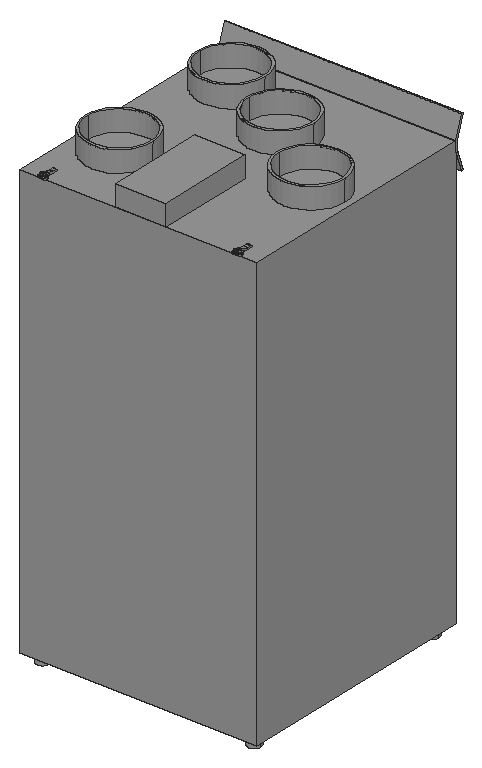
Revit family "ВУТ_ВУЕ ВБ_Е_Л_П_Eng", category Оборудование, Revit 2021
Family settings
  Размер круглого соединителя = Использовать диаметр
  Классификация = Нет
  Тип детали = Нормальный
  На основе рабочей плоскости = Нет
  Всегда вертикально = Да
  При загрузке вырезать с полостями = Нет
  Общий = Нет
  Точка принадлежности помещению = Нет
Parameters (values of type "VUT 250 VBE EС R А21")
  Width = B  # 588 mm
  Weight = 66.00 kg  # constant formula
  Voltage = 230 V
  Sound pressure level at 3 m distance = "35 dBA"  # constant formula
  Pressure_Static_Air [instance] = 0.0 Pa
  Power = 1580 W
  Number of Fase = 1
  Maximum Air Flow = 390.0 m³/h  # constant formula
  Load Classification = "HVAC"
  Length = L  # 560 mm
  Height = h1  # 1094 mm
  Frequency = 50 Hz  # constant formula
  Filter = "G4"
  Diameter = D  # 160 mm
  Отметка по умолчанию = 0 mm
  Изготовитель = "Vents"  # constant formula
  l1 = 390 mm
  h1 = H + 50 mm  # 1094 mm
  b1 = 212 mm
  URL = "https://ventilation-system.com/series/vut-vue-vb-ec-a14-a21"
  Maintenance zone material = none
  L = 560 mm  # constant formula
  H = 1044 mm  # constant formula
  Dy = D - 10 mm  # 150 mm
  D = 160 mm  # constant formula
  Casing Material = Metal, painted, white, matte
  B8 = 101 mm
  B7 = 101 mm
  B6 = 421 mm
  B5 = 110 mm
  B4 = 290 mm
  B3 = 464 mm
  B2 = 181 mm
  B1 = 308 mm
  B = 588 mm  # constant formula
  Amperage = 7.46 A
  Air Flow [instance] = 0.0 m³/h
  09_System_Name [instance] = ""
  00_20_Type = "VUT 250 VBE EС R А21"
  00_20_Name = "Air handling units with heat recovery"  # constant formula
  00_20_Manufacturer = "Vents"  # constant formula
Types (9, lengths in mm): name | Power | B8 | B5 | B4 | B3 | B1 | Amperage | 00_20_Type
  (no name) | 1580 W | 101 | 110 | 290 | 464 | 308 | 7.46 A | "VUT 250 VBE EС R А21"
  VUT 250 VB EС L А21 | 180 W | 459 | 450 | 270 | 96 | 411 | 1.37 A | "VUT 250 VB EС L А21"
  VUT 250 VB EС R А21 | 180 W | 101 | 110 | 290 | 464 | 308 | 1.37 A | "VUT 250 VB EС R А21"
  VUE 250 VB EС R А21 | 180 W | 101 | 110 | 290 | 464 | 308 | 1.37 A | "VUE 250 VB EС R А21"
  VUE 250 VB EС L А21 | 180 W | 459 | 450 | 270 | 96 | 411 | 1.37 A | "VUE 250 VB EС L А21"
  VUE 250 VBE EС L А21 | 1580 W | 459 | 450 | 270 | 96 | 411 | 7.46 A | "VUE 250 VBE EС L А21"
  VUE 250 VBE EС R А21 | 1580 W | 101 | 110 | 290 | 464 | 308 | 7.46 A | "VUE 250 VBE EС R А21"
  VUT 250 VBE EС L А21 | 1580 W | 459 | 450 | 270 | 96 | 411 | 7.46 A | "VUT 250 VBE EС L А21"
  VUT 250 VBE EС R А21 | 1580 W | 101 | 110 | 290 | 464 | 308 | 7.46 A | "VUT 250 VBE EС R А21"
Reference planes
  plane 1 "По центру (Вперед/Назад)": y = 0
  plane 2: z = 0
  plane 3 "По центру (Влево/Вправо)": x = 0
  plane 4: y = 294
  plane 5: y = -294
  plane 6: x = -280
  plane 7: x = 280
  plane 8: z = 1044
Forms (mm)
  Extrusion 1, solid, material "Metal, painted, white, matte"
    sketch origin (0, 0, 0) x (1, 0, 0) y (0, 1, 0)
      loop
        line (-280, 294) -> (-280, -294) -> (280, -294) -> (280, 294) -> (-280, 294)
    from 20 to 1044
  Extrusion 2, solid, material "Metal, painted, white, matte"
    sketch origin (0, 0, 0) x (1, 0, 0) y (0, 1, 0)
      loop
        circle (-250, 264) r 15
      loop
        circle (250, 264) r 15
      loop
        circle (-250, -264) r 15
      loop
        circle (250, -264) r 15
    from 0 to 20
  Extrusion 3, solid, material "Сталь, гальванизированная"
    sketch origin (0, 0, 0) x (1, 0, 0) y (0, 1, 0)
      loop
        circle (10, 113) r 75
      loop
        circle (10, 113) r 80
    from 1044 <- "H" to 1094 <- "h1"
  Extrusion 4, solid, material "Metal, painted, white, matte"
    sketch origin (0, 0, 0) x (1, 0, 0) y (0, 1, 0)
      loop
        circle (0, 0) r 9
    from 0 to 20
  Extrusion 5, solid, material "Metal, painted, white, matte"
    sketch origin (0, 0, 0) x (0, -1, 0) y (0, 0, -1)
      loop
        line (-294, -1044) -> (-294, -1023.651) -> (-312, -973.651) -> (-314.126, -973.651) -> (-296, -1024) -> (-296, -1043.651) -> (-314.126, -1094) -> (-312, -1094) -> (-294, -1044)
    from -280 to 280
  Extrusion 6, solid, material "Сталь, гальванизированная"
    sketch origin (0, 0, 0) x (1, 0, 0) y (0, 1, 0)
      loop
        circle (-170, 193) r 80
      loop
        circle (-170, 193) r 75
    from 1044 <- "H" to 1094 <- "h1"
  Extrusion 7, solid, material "Сталь, гальванизированная"
    sketch origin (0, 0, 0) x (1, 0, 0) y (0, 1, 0)
      loop
        circle (184, -14) r 80
      loop
        circle (184, -14) r 75
    from 1044 <- "H" to 1094 <- "h1"
  Extrusion 8, solid, material "Сталь, гальванизированная"
    sketch origin (0, 0, 0) x (1, 0, 0) y (0, 1, 0)
      loop
        circle (-179, -127) r 80
      loop
        circle (-179, -127) r 75
    from 1044 <- "H" to 1094 <- "h1"
  Extrusion 9, solid, material "Metal, painted, white, matte"
    sketch origin (0, 0, 0) x (1, 0, 0) y (0, 1, 0)
      loop
        line (-54.559, -294) -> (65.441, -294) -> (65.441, -60) -> (-54.559, -60) -> (-54.559, -294)
    from 1044 <- "H" to 1094 <- "h1"
Dimensions and locks
  equal spacing: plane 6, plane 3 "По центру (Влево/Вправо)", plane 7
  "L": plane 6 to plane 7
  equal spacing: plane 4, plane 1 "По центру (Вперед/Назад)", plane 5
  "B": plane 4 to plane 5
  "H": plane 8 to level
  locked: plane 6 to Extrusion 2 sketch curve at 30  (x2)
  locked: plane 4 to Extrusion 2 sketch curve at 30  (x2)
  locked: Extrusion 2 sketch curve to plane 5 at 30  (x2)
  locked: Extrusion 2 sketch curve to plane 7 at 30  (x2)
  locked: nested 1 to plane 7 at 50
  locked: plane 6 to nested 2 at 50
  "B4": plane 6 to Extrusion 3 sketch curve
  "B2": plane 4 to Extrusion 3 sketch curve
  "B7": plane 4 to Extrusion 6 sketch curve
  "B5": plane 6 to Extrusion 6 sketch curve
  "B3": plane 6 to Extrusion 7 sketch curve
  "B1": plane 4 to Extrusion 7 sketch curve
  "B8": plane 6 to Extrusion 8 sketch curve
  "B6": plane 4 to Extrusion 8 sketch curve
  "Dy": diameter of Extrusion 3 sketch curve
  "D": diameter of Extrusion 3 sketch curve
  "D": diameter of Extrusion 6 sketch curve
  "Dy": diameter of Extrusion 6 sketch curve
  "Dy": diameter of Extrusion 7 sketch curve
  "D": diameter of Extrusion 7 sketch curve
  "Dy": diameter of Extrusion 8 sketch curve
  "D": diameter of Extrusion 8 sketch curve
  aligned and locked: level to plane 2
  aligned and locked: Extrusion 1 sketch curve to plane 4
  aligned and locked: Extrusion 1 sketch curve to plane 6
  aligned and locked: plane 5 to Extrusion 1 sketch curve
  aligned and locked: plane 7 to Extrusion 1 sketch curve
  aligned and locked: plane 8 to Extrusion 1
  aligned and locked: nested 1 to plane 5
  aligned and locked: plane 5 to nested 2
  aligned and locked: plane 6 to Extrusion 5
  aligned and locked: Extrusion 5 to plane 7
  aligned and locked: nested 5 to Extrusion 9
Automatic sketch dimensions
  plane 1 "По центру (Вперед/Назад)" to Extrusion 4 sketch curve = 0 mm
  Extrusion 4 sketch curve to plane 3 "По центру (Влево/Вправо)" = 0 mm
  Extrusion 5 sketch curve to plane 4 = 0 mm
  Extrusion 5 sketch curve to plane 8 = 0 mm
  Extrusion 5 sketch curve to plane 8 = 0.349 mm
  plane 4 to Extrusion 5 sketch curve = 2 mm
  plane 4 to Extrusion 5 sketch curve = 18 mm  (x2)
  Extrusion 5 sketch curve to Extrusion 5 sketch curve = 2.126 mm  (x2)
  plane 8 to Extrusion 5 sketch curve = 50 mm
  Extrusion 5 sketch curve to Extrusion 5 sketch curve = 19.651 mm
  Extrusion 5 sketch curve to Extrusion 5 sketch curve = 0.349 mm
  Extrusion 5 sketch curve to Extrusion 5 sketch curve = 50.349 mm
  Extrusion 9 sketch curve to plane 5 = 0 mm
  Extrusion 9 sketch curve to plane 3 "По центру (Влево/Вправо)" = 54.559 mm
  plane 1 "По центру (Вперед/Назад)" to Extrusion 9 sketch curve = 60 mm
  plane 3 "По центру (Влево/Вправо)" to Extrusion 9 sketch curve = 65.441 mm
  Extrusion 3 sketch curve to Extrusion 3 sketch curve = 0 mm  (x2)
  Extrusion 6 sketch curve to Extrusion 6 sketch curve = 0 mm  (x2)
  Extrusion 7 sketch curve to Extrusion 7 sketch curve = 0 mm  (x2)
  Extrusion 8 sketch curve to Extrusion 8 sketch curve = 0 mm  (x2)
  radius of Extrusion 2 sketch curve = 15 mm  (x4)
  radius of Extrusion 4 sketch curve = 9 mm
Nested families
  nested 1: "Latch" at (230, -289, 1044) x (0, 0, 1) z (-1, 0, 0), built-in parameter 1001360 <- "H", type "Latch"
  nested 2: "Latch" at (-230, -289, 1044) x (0, 0, 1) z (1, 0, 0), built-in parameter 1001360 <- "H", type "Latch"
  nested 3: "Сonnector" at (-54.559, -85, 995) x (0, 0, 1) z (-1, 0, 0), type "30"
  nested 4: "Сonnector" at (-54.559, -240, 995) x (0, 0, 1) z (-1, 0, 0), type "30"
  nested 5: "Сonnector" at (0, -60, 995) x (0, 0, 1) z (0, 1, 0), type "30"
  nested 6: "Сonnector" at (-54.559, -130, 995) x (0, 0, 1) z (-1, 0, 0), type "30"
  nested 7: "Сonnector" at (65.441, -240, 995) x (0, 0, 1) z (1, 0, 0), type "30"
Connectors
  piping at (0, 0, 0), diameter 18
    settings: on Extrusion 4, index 1, connector inside diameter 609.6 mm, connector length 0 mm, flow factor 0, pipe flow 0.0 L/s, pressure drop 0.0 Pa, fitting loss kfactor 0, connector angle 0.00°, fixture units 0, engagement length 0 mm, angle of deflection 0.00°, flow configuration 0, flow direction 2, fitting loss method 0, system type 16, joint type 0, gender type 0, connector reference index -1, connector utility 0, adjustable connector no, is connector primary yes, connector description ""
  hvac at (-170, 193, 1094), driven by "D"
    settings: on Extrusion 6, index 2, duct flow 0.0 m³/h, flow factor 0, pres drop 0.0 Pa, loss coef 0, conn angle 0.00°, conn width 304.8 mm, conn height 304.8 mm, conn diameter 160 mm, duct sys type 3, conn prof type 0, flow config 0, flow direction 2, loss method 0, conn ref index -1, conn util no, is conn primary yes, conn desc ""
  hvac at (10, 113, 1094), driven by "D"
    settings: on Extrusion 3, index 3, duct flow 0.0 m³/h, flow factor 0, pres drop 0.0 Pa, loss coef 0, conn angle 0.00°, conn width 304.8 mm, conn height 304.8 mm, conn diameter 160 mm, duct sys type 3, conn prof type 0, flow config 0, flow direction 1, loss method 0, conn ref index -1, conn util no, is conn primary no, conn desc ""
  hvac at (184, -14, 1094), driven by "D"
    settings: on Extrusion 7, index 4, duct flow 0.0 m³/h, flow factor 0, pres drop 0.0 Pa, loss coef 0, conn angle 0.00°, conn width 304.8 mm, conn height 304.8 mm, conn diameter 160 mm, duct sys type 1, conn prof type 0, flow config 0, flow direction 2, loss method 0, conn ref index -1, conn util no, is conn primary no, conn desc ""
  hvac at (-179, -127, 1094), driven by "D"
    settings: on Extrusion 8, index 5, duct flow 0.0 m³/h, flow factor 0, pres drop 0.0 Pa, loss coef 0, conn angle 0.00°, conn width 304.8 mm, conn height 304.8 mm, conn diameter 160 mm, duct sys type 1, conn prof type 0, flow config 0, flow direction 1, loss method 0, conn ref index -1, conn util no, is conn primary no, conn desc ""
Definition of nested family "Latch"
  Parameters (values of type "Защелка")
    Default Elevation = 0 mm
  Reference planes
    plane 1 "По центру (Вперед/Назад)": y = 0
    plane 2: z = 0
    plane 3 "По центру (Влево/Вправо)": x = 0
  Forms (mm)
    Extrusion 1, solid
      sketch origin (0, -5, 0) x (0, 1, 0) y (0, 0, 1)
        loop
          arc (3, 10) -> (0.879, 9.121) -> (0, 7) r 3
          line (0, 7) -> (0, -7)
          arc (0, -7) -> (0.879, -9.121) -> (3, -10) r 3
          line (3, -10) -> (7, -10)
          arc (7, -10) -> (9.121, -9.121) -> (10, -7) r 3
          line (10, -7) -> (10, 7)
          arc (10, 7) -> (9.121, 9.121) -> (7, 10) r 3
          line (7, 10) -> (3, 10)
      from 0 to 2
    Extrusion 2, solid
      sketch origin (0, 0, 0) x (1, 0, 0) y (0, 1, 0)
        loop
          line (2, 0.5) -> (2, -0.5) -> (7, -0.5)
          arc (7, -0.5) -> (7.707, -0.793) -> (8, -1.5) r 1
          arc (8, -1.5) -> (8.58, -2.08) -> (9.161, -1.5) r 0.58
          arc (9.161, -1.5) -> (8.575, -0.086) -> (7.161, 0.5) r 2
          line (7.161, 0.5) -> (2, 0.5)
      from -5 to 5
    Extrusion 3, solid
      sketch origin (0, 0, 0) x (1, 0, 0) y (0, 1, 0)
        loop
          line (0, 6.215) -> (3.363, 6.215)
          arc (3.363, 6.215) -> (5.643, 7.265) -> (6.327, 9.68) r 3
          line (6.327, 9.68) -> (3.08, 26.383)
          arc (3.08, 26.383) -> (1.485, 30.467) -> (2.223, 34.789) r 8.197
          arc (2.223, 34.789) -> (2.162, 35.751) -> (1.318, 36.215) r 1
          line (1.318, 36.215) -> (0, 36.215) -> (0, 6.215)
      from -5 to 5
    Sweep 4, solid
      path origin (2.535, 1.601, 0) x (-0.309017, 0.951057, 0) y (0, 0, 1)
        loop
          arc (-2.944, 6.5) -> (-3.651, 6.207) -> (-3.944, 5.5) r 1
          line (-3.944, 5.5) -> (-3.944, -5.5)
          arc (-3.944, -5.5) -> (-3.651, -6.207) -> (-2.944, -6.5) r 1
          line (-2.944, -6.5) -> (7.056, -6.5)
          arc (7.056, -6.5) -> (7.763, -6.207) -> (8.056, -5.5) r 1
          line (8.056, -5.5) -> (8.056, 5.5)
          arc (8.056, 5.5) -> (7.763, 6.207) -> (7.056, 6.5) r 1
          line (7.056, 6.5) -> (-2.944, 6.5)
      profile origin (1.9, 3.556, 6.5) x (0, 0, 1) y (0.951057, 0.309017, 0)
        loop
          circle (0, 3.594) r 0.5
    Extrusion 5, solid
      sketch origin (0, 0, 0) x (0, 1, 0) y (0, 0, 1)
        loop
          circle (0, 8.305) r 0.8
        loop
          circle (0, -8.305) r 0.8
      from 0 to 2
  Cuts and joins
    joined: Extrusion 1, Extrusion 2
  Dimensions and locks
    aligned and locked: level to plane 2
Definition of nested family "Сonnector"
  Parameters (values of type "30")
    Default Elevation = 0 mm
  Reference planes
    plane 1 "По центру (Вперед/Назад)": y = 0
    plane 2: z = 0
    plane 3 "По центру (Влево/Вправо)": x = 0
  Forms (mm)
    Extrusion 1, solid
      sketch origin (-129.783, 0, -1.583) x (-1, 0, 0) y (0, -1, 0)
        loop
          line (-129.783, -18.872) -> (-113.44, -9.436) -> (-113.44, 9.436) -> (-129.783, 18.872) -> (-146.127, 9.436) -> (-146.127, -9.436) -> (-129.783, -18.872)
      from 1.583 to 6.583
    Extrusion 2, solid
      sketch origin (-129.783, 0, 0) x (-1, 0, 0) y (0, -1, 0)
        loop
          circle (-129.783, 0) r 14
      from 5 to 10
    Extrusion 3, solid
      sketch origin (-129.783, 0, 14.25) x (-1, 0, 0) y (0, -1, 0)
        loop
          line (-129.783, -18.872) -> (-113.44, -9.436) -> (-113.44, 9.436) -> (-129.783, 18.872) -> (-146.127, 9.436) -> (-146.127, -9.436) -> (-129.783, -18.872)
      from -4.25 to 10.75
    Revolve 4, solid
      sketch origin (-129.783, 0, -5.678) x (-1, 0, 0) y (0, 0, -1)
        loop
          line (-115.783, -30.678) -> (-129.783, -30.678) -> (-129.783, -37.239) -> (-118.718, -37.239)
          arc (-118.718, -37.239) -> (-116.643, -36.38) -> (-115.783, -34.305) r 2.935
          line (-115.783, -34.305) -> (-115.783, -30.678)
        axis (-129.783, -37.239) -> (-129.783, -30.678)
      angle from 0 to 360
  Dimensions and locks
    aligned and locked: level to plane 2
    aligned and locked: Extrusion 1 to Extrusion 2
    aligned and locked: Extrusion 1 to level
    aligned and locked: Extrusion 3 to Extrusion 2
